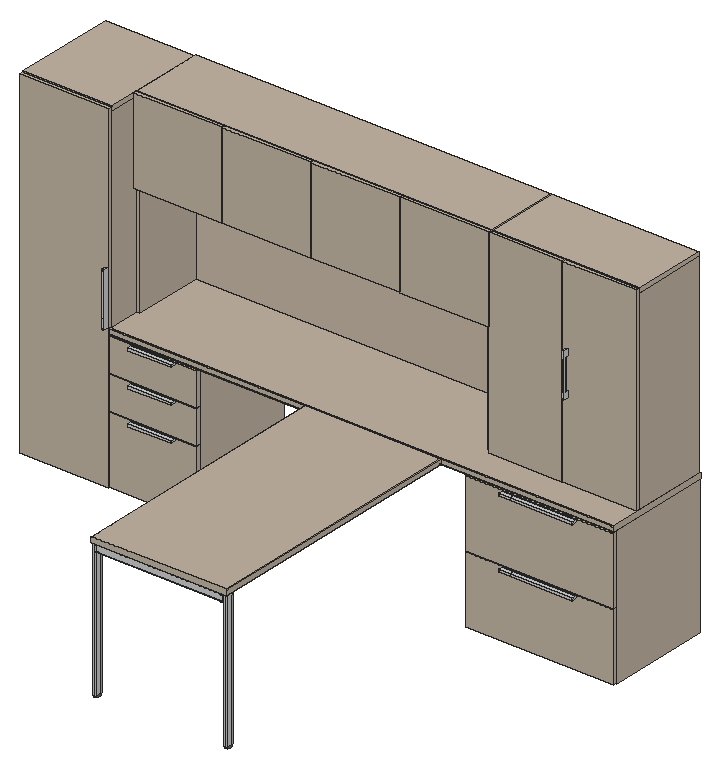
Revit family "FLT019", category Furniture, Revit 2019 (continued)
Definition of nested family "JSI-Flux-Strg_Tower"
  Reference planes (in)
    plane 17: z = 81
    plane 18: z = 29.75
    plane 19: z = 80.25
    plane 20: x = -35.31413
    plane 21: x = -0.93913
    plane 22: x = -26.31413
    plane 23: z = 55
    plane 24: z = 55.375
    plane 25: z = 54.625
    plane 26: y = -2.0625
    plane 27: x = -26.31413
    plane 28: x = -14.31413
    plane 29: z = 42.5625
    plane 30: z = 41.8125
    plane 31: x = -35.31413
    plane 32: y = 10.75
    plane 33: x = -18.06413
    plane 34: x = -18.18913
    plane 35: x = -36.06413
    plane 36: x = -1.93913
    plane 37: x = -17.51726
    plane 38: z = 55
    plane 39: x = -36.06413
    plane 40: x = -35.31413
    plane 41: x = -0.93913
    plane 42: x = -0.18913
    plane 43: y = 10.75
    plane 44: z = 29
    plane 45: z = 29
    plane 46: x = -36.06413
    plane 47: x = -0.18913
    plane 48: x = -18.12663
  Forms (in)
    Extrusion 1, solid, material <- "Top"
      sketch origin (0, 0, 0) x (1, 0, 0) y (0, 0, 1)
        loop
          line (-36.06413, 81) -> (-36.06413, 80.25) -> (-0.18913, 80.25) -> (-0.18913, 81) -> (-36.06413, 81)
      from -10.75 to 4.25
    Extrusion 2, solid, material <- "Shelf"
      sketch origin (0, 0, 0) x (1, 0, 0) y (0, 0, 1)
        loop
          line (-35.31413, 29) -> (-0.93913, 29) -> (-0.93913, 29.75) -> (-35.31413, 29.75) -> (-35.31413, 29)
      from -9.9375 to 4.25
    Extrusion 3, solid, material <- "Back Panel"
      sketch origin (0, 0, 0) x (1, 0, 0) y (0, 1, 0)
        loop
          line (-0.93913, 10.6875) -> (-35.31413, 10.6875) -> (-35.31413, 9.9375) -> (-0.93913, 9.9375) -> (-0.93913, 10.6875)
      from 29 to 80.25
    Extrusion 4, solid, material <- "Shelf"
      sketch origin (-10.75, 0, -12.8125) x (1, 0, 0) y (0, 0, 1)
        loop
          line (-24.56413, 55.375) -> (-24.56413, 54.625) -> (9.81087, 54.625) -> (9.81087, 55.375) -> (-24.56413, 55.375)
      from -9.9375 to 2.0625
    Extrusion 5, solid, material <- "Shelf"
      sketch origin (-10.75, 0, 0) x (1, 0, 0) y (0, 0, 1)
        loop
          line (-24.56413, 55.375) -> (-24.56413, 54.625) -> (9.81087, 54.625) -> (9.81087, 55.375) -> (-24.56413, 55.375)
      from -9.9375 to 2.0625
    Extrusion 6, solid, material <- "Shelf", visible <- "WB"
      sketch origin (0, 0, 0) x (1, 0, 0) y (0, 0, 1)
        loop
          line (-26.31413, 42.5625) -> (-26.31413, 41.8125) -> (-14.31413, 41.8125) -> (-14.31413, 42.5625) -> (-26.31413, 42.5625)
      from -9.9375 to 4.25
    Extrusion 7, solid, material <- "Door Front", visible <- "Doors"
      sketch origin (0, 0, 0) x (1, 0, 0) y (0, 1, 0)
        loop
          line (-36.06413, -4.3125) -> (-36.06413, -5.0625) -> (-18.18913, -5.0625) -> (-18.18913, -4.3125) -> (-36.06413, -4.3125)
      from 29 to 81
    Extrusion 8, solid, material <- "Door Front", visible <- "Doors"
      sketch origin (18, 0, 0) x (1, 0, 0) y (0, 1, 0)
        loop
          line (-36.06413, -4.3125) -> (-36.06413, -5.0625) -> (-18.18913, -5.0625) -> (-18.18913, -4.3125) -> (-36.06413, -4.3125)
      from 29 to 81
    Extrusion 9, solid, material <- "Chassis"
      sketch origin (0, 0, 0) x (1, 0, 0) y (0, 1, 0)
        loop
          line (-36.06413, 10.75) -> (-36.06413, -4.25) -> (-35.31413, -4.25) -> (-35.31413, 10.75) -> (-36.06413, 10.75)
      from 29 to 80.25
    Extrusion 10, solid, material <- "Chassis"
      sketch origin (0, 0, 0) x (1, 0, 0) y (0, 1, 0)
        loop
          line (-0.93913, 10.75) -> (-0.93913, -4.25) -> (-0.18913, -4.25) -> (-0.18913, 10.75) -> (-0.93913, 10.75)
      from 29 to 80.25
    Extrusion 11, solid, material <- "Shelf"
      sketch origin (-10.75, 0, 12.8125) x (1, 0, 0) y (0, 0, 1)
        loop
          line (-24.56413, 55.375) -> (-24.56413, 54.625) -> (9.81087, 54.625) -> (9.81087, 55.375) -> (-24.56413, 55.375)
      from -9.9375 to 2.0625
  Lines and regions (in)
    symbolic lines, visible <- "Doors"
      curve 1: line (-36.06413, -4.3125, 0) -> (-18.18913, -4.3125, 0)
      curve 2: line (-36.06413, -5.0625, 0) -> (-36.06413, -4.3125, 0)
      curve 3: line (-18.18913, -5.0625, 0) -> (-36.06413, -5.0625, 0)
      curve 4: line (-18.18913, -4.3125, 0) -> (-18.18913, -5.0625, 0)
      curve 5: line (-18.06413, -4.3125, 0) -> (-0.18913, -4.3125, 0)
      curve 6: line (-18.06413, -5.0625, 0) -> (-18.06413, -4.3125, 0)
      curve 7: line (-0.18913, -5.0625, 0) -> (-18.06413, -5.0625, 0)
      curve 8: line (-0.18913, -4.3125, 0) -> (-0.18913, -5.0625, 0)
    symbolic lines
      curve 9: line (-36.06413, 10.75, 0) -> (-36.06413, -4.25, 0)
      curve 10: line (-0.18913, 10.75, 0) -> (-0.18913, -4.25, 0)
      curve 11: line (-0.18913, 10.75, 0) -> (-36.06413, 10.75, 0)
      curve 12: line (-0.18913, -4.25, 0) -> (-36.06413, -4.25, 0)
    symbolic lines, detail levels medium+fine
      curve 13: line (-35.31413, -4.25, 0) -> (-35.31413, 10.75, 0)
      curve 14: line (-35.31413, 10.75, 0) -> (-36.06413, 10.75, 0)
      curve 15: line (-36.06413, 10.75, 0) -> (-36.06413, -4.25, 0)
      curve 16: line (-36.06413, -4.25, 0) -> (-35.31413, -4.25, 0)
      curve 17: line (-0.18913, -4.25, 0) -> (-0.18913, 10.75, 0)
      curve 18: line (-0.18913, 10.75, 0) -> (-0.93913, 10.75, 0)
      curve 19: line (-0.93913, 10.75, 0) -> (-0.93913, -4.25, 0)
      curve 20: line (-0.93913, -4.25, 0) -> (-0.18913, -4.25, 0)
      curve 21: line (-35.31413, 9.9375, 0) -> (-0.93913, 9.9375, 0)
      curve 22: line (-0.93913, 9.9375, 0) -> (-0.93913, 10.6875, 0)
      curve 23: line (-0.93913, 10.6875, 0) -> (-35.31413, 10.6875, 0)
      curve 24: line (-35.31413, 10.6875, 0) -> (-35.31413, 9.9375, 0)
  Dimensions and locks (in)
    locked: plane 6 to plane 3 "Center (Front/Back)" at 0.8125
    locked: plane 5 to plane 3 "Center (Front/Back)" at 0.0625
    plane 9 to plane 8 to plane 7 = 0' - 0 3/4" locked, 0' - 0 1/16" locked
    "Depth": plane 9 to plane 3 "Center (Front/Back)"
    locked: plane 10 to plane 11 at 0.75
    locked: plane 13 to plane 12 at 0.75
    "Top Width": plane 14 to plane 15
    "Top Dist": plane 4 to plane 14
    "Height": plane 17 to plane 16
    "OH Elevation": plane 16 to plane 1
    locked: plane 17 to plane 19 at 0.75
    locked: plane 18 to plane 16 at 0.75
    equal spacing: plane 17, plane 23, plane 16
    plane 24 to plane 23 to plane 25 = 0' - 0 3/8" locked, 0' - 0 3/8" locked
    "Shelf Width": Extrusion 4 sketch curve to Extrusion 4 sketch curve
    "Shelf Width": Extrusion 5 sketch curve to Extrusion 5 sketch curve
    equal spacing: group 1, group 2, group 5  (x3)
    "Shelf Array Dist": Extrusion 5 to Extrusion 4
    "Shelf Dist": Extrusion 4 to plane 16
    "WB_Shelf_Width": plane 27 to plane 28
    locked: plane 29 to plane 30 at 0.75
    "WB_Shelf_Height": plane 30 to plane 16
    "Shelf_H_Dist": plane 2 "Center (Left/Right)" to plane 31
    "Part Depth_L": plane 32 to plane 3 "Center (Front/Back)"
    "Door Width": Extrusion 7 sketch curve to Extrusion 7 sketch curve
    "Door Width": Extrusion 8 sketch curve to Extrusion 8 sketch curve
    group 3 to group 4 = 1' - 6"
    group 3 to group 4 = 0' - 0"  (x2)
    "Door Array Dist": Extrusion 7 to Extrusion 8
    "Door Dist": plane 2 "Center (Left/Right)" to plane 35
    "Pull Distance": plane 2 "Center (Left/Right)" to plane 37
    "Pull Height": plane 38 to plane 16
    "Lable Dist": nested 2 to plane 7
    "WB_Shelf_Dist": plane 2 "Center (Left/Right)" to plane 27
    locked: plane 39 to plane 40 at 0.75
    locked: plane 41 to plane 42 at 0.75
    "Part_L_Dist": plane 2 "Center (Left/Right)" to plane 39
    "Part_R_Dist": plane 2 "Center (Left/Right)" to plane 41
    "Part Depth_R": plane 43 to plane 3 "Center (Front/Back)"
    "Part_L_V_Dist": plane 44 to plane 16
    plane 45 to plane 16 = 0' - 0"
    "Back Width": plane 20 to plane 21
    "Back Dist": plane 14 to plane 20
    "Width": plane 46 to plane 47
    "Top Dist": plane 2 "Center (Left/Right)" to plane 46
    equal spacing: plane 46, plane 48, plane 47
    "Height": Extrusion 7 to Extrusion 7
    "Height": Extrusion 8 to Extrusion 8
    "Shelf Width": Extrusion 11 sketch curve to Extrusion 11 sketch curve
    aligned and locked: level to plane 1
    aligned and locked: Extrusion 1 sketch curve to plane 17
    aligned and locked: Extrusion 1 sketch curve to plane 19
    aligned and locked: Extrusion 1 sketch curve to plane 14
    aligned and locked: Extrusion 1 sketch curve to plane 15
    aligned and locked: Extrusion 1 to plane 3 "Center (Front/Back)"
    aligned and locked: plane 7 to Extrusion 1
    aligned and locked: Extrusion 2 sketch curve to plane 16
    aligned and locked: Extrusion 2 sketch curve to plane 18
    aligned and locked: Extrusion 2 sketch curve to plane 20
    aligned and locked: Extrusion 2 sketch curve to plane 21
    aligned and locked: Extrusion 2 to plane 6
    aligned and locked: plane 7 to Extrusion 2
    aligned and locked: Extrusion 3 sketch curve to plane 5
    aligned and locked: Extrusion 3 sketch curve to plane 6
    aligned and locked: Extrusion 3 sketch curve to plane 20
    aligned and locked: Extrusion 3 sketch curve to plane 21
    aligned and locked: plane 19 to Extrusion 3
    aligned and locked: Extrusion 3 to plane 16
    aligned and locked: Extrusion 4 to plane 6
    aligned and locked: Extrusion 5 to plane 6
    aligned and locked: Extrusion 6 sketch curve to plane 27
    aligned and locked: Extrusion 6 sketch curve to plane 28
    aligned and locked: Extrusion 6 sketch curve to plane 29
    aligned and locked: Extrusion 6 sketch curve to plane 30
    aligned and locked: Extrusion 6 to plane 6
    aligned and locked: plane 7 to Extrusion 6
    aligned and locked: Extrusion 4 to plane 31
    aligned and locked: Extrusion 5 to plane 31
    aligned and locked: Extrusion 7 sketch curve to plane 9
    aligned and locked: Extrusion 7 to plane 16
    aligned and locked: curve 1 to Extrusion 7
    aligned and locked: curve 2 to Extrusion 7
    aligned and locked: curve 3 to Extrusion 7
    aligned and locked: curve 4 to Extrusion 7
    aligned and locked: curve 5 to Extrusion 8
    aligned and locked: curve 6 to Extrusion 8
    aligned and locked: curve 7 to Extrusion 8
    aligned and locked: curve 8 to Extrusion 8
    aligned and locked: Extrusion 7 to plane 35
    aligned and locked: plane 9 to nested 1
    aligned and locked: plane 37 to nested 1
    aligned and locked: plane 38 to nested 1
    aligned and locked: Extrusion 9 sketch curve to plane 39
    aligned and locked: Extrusion 9 sketch curve to plane 40
    aligned and locked: Extrusion 9 sketch curve to plane 32
    aligned and locked: Extrusion 9 sketch curve to plane 7
    aligned and locked: Extrusion 10 sketch curve to plane 41
    aligned and locked: Extrusion 10 sketch curve to plane 42
    aligned and locked: Extrusion 10 sketch curve to plane 7
    aligned and locked: plane 19 to Extrusion 9
    aligned and locked: plane 19 to Extrusion 10
    aligned and locked: Extrusion 10 sketch curve to plane 43
    aligned and locked: Extrusion 9 to plane 44
    aligned and locked: Extrusion 10 to plane 45
    aligned and locked: curve 9 to plane 46
    aligned and locked: curve 10 to plane 47
    aligned and locked: curve 11 to plane 43
    aligned and locked: curve 12 to plane 7
    aligned and locked: plane 48 to nested 2
    aligned and locked: Extrusion 7 to plane 45
    aligned and locked: Extrusion 8 to plane 45
    aligned and locked: plane 16 to Extrusion 7
    aligned and locked: Extrusion 8 to plane 16
    aligned and locked: curve 13 to Extrusion 9
    aligned and locked: curve 14 to Extrusion 9
    aligned and locked: curve 15 to Extrusion 9
    aligned and locked: curve 16 to Extrusion 9
    aligned and locked: curve 17 to Extrusion 10
    aligned and locked: curve 18 to Extrusion 10
    aligned and locked: curve 19 to Extrusion 10
    aligned and locked: curve 20 to Extrusion 10
    aligned and locked: curve 21 to Extrusion 3
    aligned and locked: curve 22 to Extrusion 3
    aligned and locked: curve 23 to Extrusion 3
    aligned and locked: curve 24 to Extrusion 3
  Automatic sketch dimensions
    Extrusion 4 sketch curve to Extrusion 4 sketch curve = 0' - 0 3/4"
    Extrusion 5 sketch curve to Extrusion 5 sketch curve = 0' - 0 3/4"
    Extrusion 7 sketch curve to Extrusion 7 sketch curve = 0' - 0 3/4"
    Extrusion 8 sketch curve to Extrusion 8 sketch curve = 0' - 0 3/4"
    curve 2 to curve 3 = 1' - 5 7/8"
    curve 2 to curve 2 = 0' - 0 3/4"
    curve 6 to curve 7 = 1' - 5 7/8"
    curve 6 to curve 6 = 0' - 0 3/4"
    Extrusion 11 sketch curve to Extrusion 11 sketch curve = 0' - 0 3/4"
  Nested families (in)
    nested 1: "Bar Pull H" at (-20.75939, -5.0625, 55), Pull Finish <- "Pull Finish", L <- "Left Pull", R <- "Right Pull", type "PL"
      with R yes, Pull Finish none, L no
    nested 2: "Label 1-16 OH" at (-18.12663, -5.0625, 0), type "OH DOORS"
  Definition of nested family "Bar Pull H"
    Parameters
      R [instance] = yes
      Pull Finish [instance] = none
      L [instance] = yes
    Reference planes (in)
      plane 1 "Center Front/Back": y = 0
      plane 2: z = 0
      plane 3 "Center Left/Right": x = 3.24213
    Forms (in)
      Extrusion 1, solid, material <- "Pull Finish", visible <- "L"
        sketch origin (3.24213, 0, 3.24963) x (0, 0, -1) y (0, 1, 0)
          loop
            line (-1.18701, 0) -> (-1.18701, -0.85113)
            arc (-1.18701, -0.85113) -> (-1.15955, -0.91742) -> (-1.09326, -0.94488) r 0.09375
            line (-1.09326, -0.94488) -> (7.59252, -0.94488)
            arc (7.59252, -0.94488) -> (7.6482, -0.92182) -> (7.67126, -0.86614) r 0.07874
            line (7.67126, -0.86614) -> (7.67126, 0) -> (6.37205, 0) -> (6.37205, -0.70177)
            arc (6.37205, -0.70177) -> (6.33544, -0.79016) -> (6.24705, -0.82677) r 0.125
            line (6.24705, -0.82677) -> (0.2372, -0.82677)
            arc (0.2372, -0.82677) -> (0.14882, -0.79016) -> (0.1122, -0.70177) r 0.125
            line (0.1122, -0.70177) -> (0.1122, 0) -> (-1.18701, 0)
        from -0.43307 to -0.11811
      Extrusion 2, solid, material <- "Pull Finish", visible <- "L"
        sketch origin (3.24213, 0, 3.24963) x (0, 0, -1) y (0, 1, 0)
          loop
            line (-1.18701, 0) -> (-1.18701, -0.85113)
            arc (-1.18701, -0.85113) -> (-1.15955, -0.91742) -> (-1.09326, -0.94488) r 0.09375
            line (-1.09326, -0.94488) -> (7.59252, -0.94488)
            arc (7.59252, -0.94488) -> (7.6482, -0.92182) -> (7.67126, -0.86614) r 0.07874
            line (7.67126, -0.86614) -> (7.67126, 0) -> (-1.18701, 0)
        from 0 to -0.11811
      Extrusion 3, solid, material <- "Pull Finish", visible <- "R"
        sketch origin (3.24213, 0, 3.24963) x (0, 0, -1) y (0, -1, 0)
          loop
            line (-1.18701, 0) -> (0.1122, 0) -> (0.1122, 0.70177)
            arc (0.1122, 0.70177) -> (0.14882, 0.79016) -> (0.2372, 0.82677) r 0.125
            line (0.2372, 0.82677) -> (6.24705, 0.82677)
            arc (6.24705, 0.82677) -> (6.33544, 0.79016) -> (6.37205, 0.70177) r 0.125
            line (6.37205, 0.70177) -> (6.37205, 0) -> (7.67126, 0) -> (7.67126, 0.86614)
            arc (7.67126, 0.86614) -> (7.6482, 0.92182) -> (7.59252, 0.94488) r 0.07874
            line (7.59252, 0.94488) -> (-1.09326, 0.94488)
            arc (-1.09326, 0.94488) -> (-1.15955, 0.91742) -> (-1.18701, 0.85113) r 0.09375
            line (-1.18701, 0.85113) -> (-1.18701, 0)
        from -0.43307 to -0.11811
      Extrusion 4, solid, material <- "Pull Finish", visible <- "R"
        sketch origin (3.24213, 0, 3.24963) x (0, 0, -1) y (0, -1, 0)
          loop
            line (-1.18701, 0) -> (7.67126, 0) -> (7.67126, 0.86614)
            arc (7.67126, 0.86614) -> (7.6482, 0.92182) -> (7.59252, 0.94488) r 0.07874
            line (7.59252, 0.94488) -> (-1.09326, 0.94488)
            arc (-1.09326, 0.94488) -> (-1.15955, 0.91742) -> (-1.18701, 0.85113) r 0.09375
            line (-1.18701, 0.85113) -> (-1.18701, 0)
        from 0 to -0.11811
    Cuts and joins
      joined: Extrusion 1, Extrusion 2
      joined: Extrusion 3, Extrusion 4
    Dimensions and locks (in)
      aligned and locked: level to plane 2
      aligned and locked: Extrusion 2 sketch curve to Extrusion 1  (x6)
      aligned and locked: Extrusion 3 to Extrusion 4 sketch curve  (x2)
      aligned and locked: Extrusion 4 sketch curve to Extrusion 3  (x4)
  Definition of nested family "Label 1-16 OH"
    Parameters
      Width = 0' - 1"
      Model Name = "6 Doors"
    Reference planes (in)
      plane 1: y = 0
      plane 2: x = 0
    Text (in)
      label "XX" at (0.00051, -0.12324, 0), shows "Model Name"
Definition of nested family "JSI-Flux-Prime_Ht_Strg_OH_Cab"
  Parameters (values of type "Type Catalog - Strg OH Cab")
    Wiring Hole Dist = if(# of Doors > 3, 1' 6", 0' 9")  # 1' - 6"
    Top = none
    Width = 7' - 11 7/8"
    URL = "www.jsifurniture.com"
    Type Comments = ""
    TAG = if(Width > 6' 6", "6 Doors", (if(Width > 4' 6", "4 Doors", (if(Width > 3' 0", "3 Doors", "2 Doors")))))  # "6 Doors"
    Series = "FLUX"  # constant formula
    R = yes
    Partition-R = yes
    Partition-L = yes
    Partition Distance_R = if(# of Doors = 6, ((Door Width * 2) + 0' 0 1/8" - 0' 0 5/16"), (if(# of Doors = 4, ((Width / 2) - 0' 0 3/8"), (if(# of Doors = 3, (if(R, (Door Width - 0' 0 5/16"), ((Door Width * 2) + 0' 0 1/8" - 0' 0 5/16"))), 0' 0")))))  # 2' - 7 9/16"
    Partition Distance_L = if(# of Doors = 6, ((Door Width * 2) + 0' 0 1/8" - 0' 0 5/16"), (if(# of Doors = 4, ((Width / 2) - 0' 0 3/8"), (if(# of Doors = 3, (if(R, ((Door Width * 2) + 0' 0 1/8" - 0' 0 5/16"), (Door Width - 0' 0 5/16"))), 0' 0")))))  # 2' - 7 9/16"
    OH Elevation = 2' - 5"
    Model = ""
    Manufacturer = "JSI"  # constant formula
    Level of Base Shelve = 1' - 11"
    Keynote = "12500"
    JSI Enviromental Website = "http://www.jsifurniture.com/jsi_sustainability_intro.php"
    Height = 3' - 4"
    Door Width = (Width - (0' 0 1/8" * (# of Doors - 1))) / # of Doors  # 1' - 3 7/8"
    Door Array Distance = Door Width + 0' 0 1/8"  # 1' - 4"
    Back Panel = none
    Door Front = none
    Description = ""
    Depth = 1' - 3 7/8"
    Chassis = none
    Assembly Code = "E2020200"
    # of Doors = if(Width > 6' 6", 6, if(Width > 4' 6", 4, (if(Width > 3' 0", 3, 2))))  # 6
  Reference planes (in)
    plane 1: z = 0
    plane 2 "Center (Left/Right)": x = -36.06413
    plane 3 "Center (Front/Back)": y = 10.75
    plane 4: y = 10
    plane 5: x = -35.31413
    plane 6: x = 59.81087
    plane 7: x = 59.06087
    plane 8: x = -4.50163
    plane 9: x = -3.75163
    plane 10: x = 28.24837
    plane 11: x = 27.49837
    plane 12: y = -5.0625
    plane 13: y = -4.3125
    plane 14: y = -4.25
    plane 15: y = -2.0625
    plane 16: y = -5.125
    plane 17: x = 11.87337
    plane 18: z = 29
    plane 19: z = 52
    plane 20: z = 53.1875
    plane 21: z = 51.75
    plane 22: z = 68.25
    plane 23: z = 69
    plane 24: y = 9.9375
    plane 25: y = 10.6875
    plane 26: x = -20.18913
    plane 27: x = -20.06413
    plane 28: z = 51.5
    plane 29: x = -35.31413
    plane 30: x = -4.50163
    plane 31: x = -3.75163
    plane 32: x = 28.24837
    plane 33: x = 27.49837
    plane 34: x = 59.06087
    plane 35: x = -18.06413
    plane 36: x = 41.81087
  Forms (in)
    Extrusion 1, solid, material <- "Chassis"
      sketch origin (0, 0, 0) x (1, 0, 0) y (0, 1, 0)
        loop
          line (-36.06413, 10.75) -> (-36.06413, -4.25) -> (-35.31413, -4.25) -> (-35.31413, 10.75) -> (-36.06413, 10.75)
      from 29 to 68.25
    Extrusion 2, solid, material <- "Chassis"
      sketch origin (0, 0, 0) x (1, 0, 0) y (0, 1, 0)
        loop
          line (59.06087, 10.75) -> (59.06087, -4.25) -> (59.81087, -4.25) -> (59.81087, 10.75) -> (59.06087, 10.75)
      from 29 to 68.25
    Extrusion 3, solid, material <- "Top"
      sketch origin (0, 0, 0) x (1, 0, 0) y (0, 0, 1)
        loop
          line (-36.06413, 68.25) -> (59.81087, 68.25) -> (59.81087, 69) -> (-36.06413, 69) -> (-36.06413, 68.25)
      from -10.75 to 4.25
    Extrusion 4, solid
      sketch origin (0, 0, 0) x (1, 0, 0) y (0, 0, 1)
        loop
          line (-35.31413, 53.1875) -> (-35.31413, 52) -> (59.06087, 52) -> (59.06087, 53.1875) -> (-35.31413, 53.1875)
      from -9.9375 to 4.25
    Extrusion 5, solid, material <- "Back Panel"
      sketch origin (0, 0, 0) x (1, 0, 0) y (0, 0, 1)
        loop
          line (-35.31413, 68.25) -> (-35.31413, 29) -> (59.06087, 29) -> (59.06087, 68.25) -> (-35.31413, 68.25)
        loop
          circle (-18.06413, 51.5) r 0.3125
        loop
          circle (41.81087, 51.5) r 0.3125
      from -10.6875 to -9.9375
    Extrusion 6, solid, material <- "Chassis", visible <- "Partition-L"
      sketch origin (0, 0, 0) x (1, 0, 0) y (0, 1, 0)
        loop
          line (-4.50163, 9.9375) -> (-4.50163, -4.25) -> (-3.75163, -4.25) -> (-3.75163, 9.9375) -> (-4.50163, 9.9375)
      from 53.1875 to 68.25
    Extrusion 7, solid, material <- "Chassis", visible <- "Partition-R"
      sketch origin (0, 0, 0) x (1, 0, 0) y (0, 1, 0)
        loop
          line (27.49837, 9.9375) -> (27.49837, -4.25) -> (28.24837, -4.25) -> (28.24837, 9.9375) -> (27.49837, 9.9375)
      from 53.1875 to 68.25
    Extrusion 8, solid, material <- "Door Front"
      sketch origin (0, 0, 0) x (1, 0, 0) y (0, 0, 1)
        loop
          line (-36.06413, 69) -> (-36.06413, 51.75) -> (-20.18913, 51.75) -> (-20.18913, 69) -> (-36.06413, 69)
      from 4.3125 to 5.0625
    Extrusion 9, solid, material <- "Door Front"
      sketch origin (16, 0, 0) x (1, 0, 0) y (0, 0, 1)
        loop
          line (-36.06413, 69) -> (-36.06413, 51.75) -> (-20.18913, 51.75) -> (-20.18913, 69) -> (-36.06413, 69)
      from 4.3125 to 5.0625
    Extrusion 10, solid, material <- "Door Front"
      sketch origin (32, 0, 0) x (1, 0, 0) y (0, 0, 1)
        loop
          line (-36.06413, 69) -> (-36.06413, 51.75) -> (-20.18913, 51.75) -> (-20.18913, 69) -> (-36.06413, 69)
      from 4.3125 to 5.0625
    Extrusion 11, solid, material <- "Door Front"
      sketch origin (48, 0, 0) x (1, 0, 0) y (0, 0, 1)
        loop
          line (-36.06413, 69) -> (-36.06413, 51.75) -> (-20.18913, 51.75) -> (-20.18913, 69) -> (-36.06413, 69)
      from 4.3125 to 5.0625
    Extrusion 12, solid, material <- "Door Front"
      sketch origin (64, 0, 0) x (1, 0, 0) y (0, 0, 1)
        loop
          line (-36.06413, 69) -> (-36.06413, 51.75) -> (-20.18913, 51.75) -> (-20.18913, 69) -> (-36.06413, 69)
      from 4.3125 to 5.0625
    Extrusion 13, solid, material <- "Door Front"
      sketch origin (80, 0, 0) x (1, 0, 0) y (0, 0, 1)
        loop
          line (-36.06413, 69) -> (-36.06413, 51.75) -> (-20.18913, 51.75) -> (-20.18913, 69) -> (-36.06413, 69)
      from 4.3125 to 5.0625
  Lines and regions (in)
    symbolic lines
      curve 1: line (-36.06413, -4.3125, 0) -> (-36.06413, -5.0625, 0)
      curve 2: line (-20.06413, -4.3125, 0) -> (-20.06413, -5.0625, 0)
      curve 3: line (-20.18913, -5.0625, 0) -> (-20.18913, -4.3125, 0)
      curve 4: line (-4.18913, -5.0625, 0) -> (-4.18913, -4.3125, 0)
      curve 5: line (-20.18913, -4.3125, 0) -> (-36.06413, -4.3125, 0)
      curve 6: line (-36.06413, -5.0625, 0) -> (-20.18913, -5.0625, 0)
      curve 7: line (-4.18913, -4.3125, 0) -> (-20.06413, -4.3125, 0)
      curve 8: line (-20.06413, -5.0625, 0) -> (-4.18913, -5.0625, 0)
      curve 9: line (-36.06413, 10.75, 0) -> (-36.06413, -4.25, 0)
      curve 10: line (59.81087, 10.75, 0) -> (-36.06413, 10.75, 0)
      curve 11: line (59.81087, 10.75, 0) -> (59.81087, -4.25, 0)
      curve 12: line (59.81087, -4.25, 0) -> (-36.06413, -4.25, 0)
      curve 13: line (-4.06413, -4.3125, 0) -> (-4.06413, -5.0625, 0)
      curve 14: line (11.81087, -5.0625, 0) -> (11.81087, -4.3125, 0)
      curve 15: line (11.81087, -4.3125, 0) -> (-4.06413, -4.3125, 0)
      curve 16: line (-4.06413, -5.0625, 0) -> (11.81087, -5.0625, 0)
      curve 17: line (11.93587, -4.3125, 0) -> (11.93587, -5.0625, 0)
      curve 18: line (27.81087, -5.0625, 0) -> (27.81087, -4.3125, 0)
      curve 19: line (27.81087, -4.3125, 0) -> (11.93587, -4.3125, 0)
      curve 20: line (11.93587, -5.0625, 0) -> (27.81087, -5.0625, 0)
      curve 21: line (27.93587, -4.3125, 0) -> (27.93587, -5.0625, 0)
      curve 22: line (43.81087, -5.0625, 0) -> (43.81087, -4.3125, 0)
      curve 23: line (43.81087, -4.3125, 0) -> (27.93587, -4.3125, 0)
      curve 24: line (27.93587, -5.0625, 0) -> (43.81087, -5.0625, 0)
      curve 25: line (43.93587, -4.3125, 0) -> (43.93587, -5.0625, 0)
      curve 26: line (59.81087, -5.0625, 0) -> (59.81087, -4.3125, 0)
      curve 27: line (59.81087, -4.3125, 0) -> (43.93587, -4.3125, 0)
      curve 28: line (43.93587, -5.0625, 0) -> (59.81087, -5.0625, 0)
    symbolic lines, detail levels medium+fine
      curve 29: line (-35.31413, 9.9375, 0) -> (59.06087, 9.9375, 0)
      curve 30: line (59.06087, 9.9375, 0) -> (59.06087, 10.6875, 0)
      curve 31: line (59.06087, 10.6875, 0) -> (-35.31413, 10.6875, 0)
      curve 32: line (-35.31413, 10.6875, 0) -> (-35.31413, 9.9375, 0)
      curve 33: line (59.06087, 10.6875, 0) -> (59.06087, -4.25, 0)
      curve 34: line (-35.31413, -4.25, 0) -> (-35.31413, 10.6875, 0)
    symbolic lines, visible <- "Partition-L", detail levels medium+fine
      curve 35: line (-3.75163, -4.25, 0) -> (-3.75163, 9.9375, 0)
      curve 36: line (-3.75163, 9.9375, 0) -> (-4.50163, 9.9375, 0)
      curve 37: line (-4.50163, 9.9375, 0) -> (-4.50163, -4.25, 0)
      curve 38: line (-4.50163, -4.25, 0) -> (-3.75163, -4.25, 0)
    symbolic lines, visible <- "Partition-R", detail levels medium+fine
      curve 39: line (28.24837, -4.25, 0) -> (28.24837, 9.9375, 0)
      curve 40: line (28.24837, 9.9375, 0) -> (27.49837, 9.9375, 0)
      curve 41: line (27.49837, 9.9375, 0) -> (27.49837, -4.25, 0)
      curve 42: line (27.49837, -4.25, 0) -> (28.24837, -4.25, 0)
  Dimensions and locks (in)
    "Width": plane 2 "Center (Left/Right)" to plane 6
    "Depth": plane 16 to plane 3 "Center (Front/Back)"
    locked: plane 4 to plane 3 "Center (Front/Back)" at 0.75
    plane 12 to plane 13 to plane 14 to plane 15 = 0' - 0 3/4" locked, 0' - 0 1/16" locked, 0' - 2 3/16" locked
    locked: plane 16 to plane 12 at 0.0625
    locked: plane 2 "Center (Left/Right)" to plane 5 at 0.75
    locked: plane 8 to plane 9 at 0.75
    locked: plane 11 to plane 10 at 0.75
    locked: plane 7 to plane 6 at 0.75
    equal spacing: plane 2 "Center (Left/Right)", plane 17, plane 6
    "Height": plane 23 to plane 18
    "OH Elevation": plane 18 to plane 1
    locked: plane 23 to plane 22 at 0.75
    locked: plane 20 to plane 19 at 1.1875
    "Level of Base Shelve": plane 19 to plane 18
    plane 19 to plane 21 to plane 28 = 0' - 0 1/4" locked, 0' - 0 1/4" locked
    plane 22 to plane 20 = 1' - 3 1/16"
    locked: plane 25 to plane 3 "Center (Front/Back)" at 0.0625
    locked: plane 24 to plane 4 at 0.0625
    "Partition Distance_L": plane 2 "Center (Left/Right)" to plane 8
    "Partition Distance_R": plane 10 to plane 6
    plane 2 "Center (Left/Right)" to plane 29 = 0' - 0 3/4"
    equal spacing: group 1, group 2, group 5, group 6, group 7, group 8  (x3)
    "Door Width": Extrusion 8 sketch curve to Extrusion 8 sketch curve
    "Door Width": Extrusion 9 sketch curve to Extrusion 9 sketch curve
    equal spacing: group 3, group 4, group 9, group 10, group 11, group 12  (x3)
    "Door Array Distance": Extrusion 8 to Extrusion 9
    "Wiring Hole Dist": plane 2 "Center (Left/Right)" to plane 35
    "Wiring Hole Dist": plane 36 to plane 6
    "Door Width": Extrusion 10 sketch curve to Extrusion 10 sketch curve
    "Door Width": Extrusion 11 sketch curve to Extrusion 11 sketch curve
    "Door Width": Extrusion 12 sketch curve to Extrusion 12 sketch curve
    "Door Width": Extrusion 13 sketch curve to Extrusion 13 sketch curve
    radius of Extrusion 5 sketch curve = 0' - 0 5/16"  (x2)
    aligned and locked: level to plane 1
    aligned and locked: Extrusion 1 sketch curve to plane 2 "Center (Left/Right)"
    aligned and locked: Extrusion 1 sketch curve to plane 5
    aligned and locked: Extrusion 1 sketch curve to plane 3 "Center (Front/Back)"
    aligned and locked: Extrusion 1 sketch curve to plane 14
    aligned and locked: Extrusion 2 sketch curve to plane 7
    aligned and locked: Extrusion 2 sketch curve to plane 6
    aligned and locked: Extrusion 2 sketch curve to plane 3 "Center (Front/Back)"
    aligned and locked: Extrusion 2 sketch curve to plane 14
    aligned and locked: plane 22 to Extrusion 1
    aligned and locked: plane 22 to Extrusion 2
    aligned and locked: Extrusion 1 to plane 18
    aligned and locked: Extrusion 2 to plane 18
    aligned and locked: Extrusion 3 sketch curve to plane 22
    aligned and locked: Extrusion 3 sketch curve to plane 23
    aligned and locked: Extrusion 3 sketch curve to plane 2 "Center (Left/Right)"
    aligned and locked: Extrusion 3 sketch curve to plane 6
    aligned and locked: Extrusion 4 sketch curve to plane 20
    aligned and locked: Extrusion 4 sketch curve to plane 19
    aligned and locked: Extrusion 4 sketch curve to plane 5
    aligned and locked: Extrusion 4 sketch curve to plane 7
    aligned and locked: Extrusion 3 to plane 3 "Center (Front/Back)"
    aligned and locked: plane 14 to Extrusion 3
    aligned and locked: Extrusion 4 to plane 24
    aligned and locked: plane 14 to Extrusion 4
    aligned and locked: Extrusion 5 sketch curve to plane 22
    aligned and locked: Extrusion 5 sketch curve to plane 5
    aligned and locked: Extrusion 5 sketch curve to plane 7
    aligned and locked: Extrusion 5 sketch curve to plane 18
    aligned and locked: Extrusion 5 to plane 25
    aligned and locked: plane 24 to Extrusion 5
    aligned and locked: Extrusion 6 sketch curve to plane 8
    aligned and locked: Extrusion 6 sketch curve to plane 9
    aligned and locked: Extrusion 6 sketch curve to plane 24
    aligned and locked: Extrusion 6 sketch curve to plane 14
    aligned and locked: Extrusion 7 sketch curve to plane 11
    aligned and locked: Extrusion 7 sketch curve to plane 10
    aligned and locked: Extrusion 7 sketch curve to plane 24
    aligned and locked: Extrusion 7 sketch curve to plane 14
    aligned and locked: plane 22 to Extrusion 6
    aligned and locked: Extrusion 6 to plane 20
    aligned and locked: plane 22 to Extrusion 7
    aligned and locked: Extrusion 7 to plane 20
    aligned and locked: Extrusion 8 to plane 13
    aligned and locked: plane 12 to Extrusion 8
    aligned and locked: Extrusion 8 to plane 2 "Center (Left/Right)"
    aligned and locked: curve 1 to Extrusion 8
    aligned and locked: curve 2 to Extrusion 9
    aligned and locked: curve 3 to Extrusion 8
    aligned and locked: curve 4 to Extrusion 9
    aligned and locked: curve 5 to Extrusion 8
    aligned and locked: curve 6 to Extrusion 8
    aligned and locked: curve 7 to Extrusion 9
    aligned and locked: curve 8 to Extrusion 9
    aligned and locked: plane 17 to nested 1
    aligned and locked: plane 12 to nested 1
    aligned and locked: curve 9 to plane 2 "Center (Left/Right)"
    aligned and locked: curve 10 to plane 3 "Center (Front/Back)"
    aligned and locked: curve 11 to plane 6
    aligned and locked: curve 12 to plane 14
    aligned and locked: Extrusion 8 to plane 21
    aligned and locked: Extrusion 9 to plane 21
    aligned and locked: curve 13 to Extrusion 10
    aligned and locked: curve 14 to Extrusion 10
    aligned and locked: curve 15 to Extrusion 10
    aligned and locked: curve 16 to Extrusion 10
    aligned and locked: curve 17 to Extrusion 11
    aligned and locked: curve 18 to Extrusion 11
    aligned and locked: curve 19 to Extrusion 11
    aligned and locked: curve 20 to Extrusion 11
    aligned and locked: curve 21 to Extrusion 12
    aligned and locked: curve 22 to Extrusion 12
    aligned and locked: curve 23 to Extrusion 12
    aligned and locked: curve 24 to Extrusion 12
    aligned and locked: curve 25 to Extrusion 13
    aligned and locked: curve 26 to Extrusion 13
    aligned and locked: curve 27 to Extrusion 13
    aligned and locked: curve 28 to Extrusion 13
    aligned and locked: curve 29 to Extrusion 5
    aligned and locked: curve 30 to Extrusion 5
    aligned and locked: curve 31 to Extrusion 5
    aligned and locked: curve 32 to Extrusion 5
    aligned and locked: Extrusion 2 to curve 33
    aligned and locked: curve 34 to Extrusion 1
    aligned and locked: plane 14 to curve 34
    aligned and locked: plane 14 to curve 33
    aligned and locked: curve 35 to Extrusion 6
    aligned and locked: curve 36 to Extrusion 6
    aligned and locked: curve 37 to Extrusion 6
    aligned and locked: curve 38 to Extrusion 6
    aligned and locked: curve 39 to Extrusion 7
    aligned and locked: curve 40 to Extrusion 7
    aligned and locked: curve 41 to Extrusion 7
    aligned and locked: curve 42 to Extrusion 7
  Automatic sketch dimensions
    Extrusion 8 sketch curve to Extrusion 8 sketch curve = 1' - 5 1/4"
    Extrusion 9 sketch curve to Extrusion 9 sketch curve = 1' - 5 1/4"
    curve 1 to curve 5 = 1' - 3 7/8"
    curve 6 to curve 3 = 0' - 0 3/4"
    curve 2 to curve 7 = 1' - 3 7/8"
    curve 8 to curve 4 = 0' - 0 3/4"
    Extrusion 5 sketch curve to plane 28 = 0' - 0"  (x2)
    Extrusion 5 sketch curve to plane 35 = 0' - 0"
    Extrusion 5 sketch curve to plane 36 = 0' - 0"
    Extrusion 10 sketch curve to Extrusion 10 sketch curve = 1' - 5 1/4"
    curve 13 to curve 15 = 1' - 3 7/8"
    curve 16 to curve 14 = 0' - 0 3/4"
    Extrusion 11 sketch curve to Extrusion 11 sketch curve = 1' - 5 1/4"
    curve 17 to curve 19 = 1' - 3 7/8"
    curve 20 to curve 18 = 0' - 0 3/4"
    Extrusion 12 sketch curve to Extrusion 12 sketch curve = 1' - 5 1/4"
    curve 21 to curve 23 = 1' - 3 7/8"
    curve 24 to curve 22 = 0' - 0 3/4"
    Extrusion 13 sketch curve to Extrusion 13 sketch curve = 1' - 5 1/4"
    curve 25 to curve 27 = 1' - 3 7/8"
    curve 28 to curve 26 = 0' - 0 3/4"
  Nested families (in)
    nested 1: "Label 1-16 OH" at (11.87337, -5.0625, 0), type "OH DOORS"
  Definition of nested family "Label 1-16 OH"
    Parameters
      Width = 0' - 1"
      Model Name = "6 Doors"
    Reference planes (in)
      plane 1: y = 0
      plane 2: x = 0
    Text (in)
      label "XX" at (0.00051, -0.12324, 0), shows "Model Name"
Definition of nested family "JSI-Flux-Crednz_Ped"
  Parameters (values of type "Type Catalog - Crdnz Pdst")
    V_Door_Void_Dist = if(M7, (if(Width > 1' 10", 0' 0", 0' 2")), (if(M8, 0' 0", 0' 2")))  # 0' - 2"
    Top_V_Door_Void_Dist = if(M, 0' 0", 0' 2")  # 0' - 2"
    Top_Right_Pull_Dist = if(M3, ((Width - Pull Width) / 2), if(M4, ((Width - Pull Width) / 2), ((if(Width > 1' 10", (Width / 2) + 0' 0 7/32", (if(M7, (if(L, (Width - Pull Width - 0' 0 7/32"), 0' 0 7/32")), ((Width - Pull Width) / 2))))))))  # 1' - 6 7/32"
    Top_Left_Pull_Dist = if(M3, ((Width - Pull Width) / 2), if(M4, ((Width - Pull Width) / 2), (if(Width > 1' 10", ((Width / 2) - 0' 0 7/32" - Pull Width), (if(M7, (if(L, (Width - Pull Width - 0' 0 7/32"), 0' 0 7/32")), ((Width - Pull Width) / 2)))))))  # 0' - 8 15/16"
    Top Shelf = if(M8, 2 > 1, 1 > 2)  # no
    Top Pull V_Dist = if(M8, 0' 7 5/64", 0' 0 3/16")  # 0' - 0 3/16"
    Top Panel Dist = if(Depth > 2' 6", 1' 2 3/8", (if(Depth > 1' 10", 0' 8 3/8", 0' 7 3/8")))  # 0' - 7 3/8"
    Top Door = if(M8, 1 > 2, (if(M0, 1 > 2, 2 > 1)))  # no
    Top Back Panel Depth = if(M0, 0' 4 1/2", (if(M1, 0' 4 1/2", (if(M2, 0' 4 1/2", (if(M3, 0' 4 1/2", (if(M4, 0' 4 1/2", (if(M7, 0' 4 1/2", (if(M8, 0' 4 1/2", Shelf Height)))))))))))))  # 0' - 4 1/2"
    Top = none
    Width = 3' - 0"
    URL = "www.jsifurniture.com"
    Type Comments = ""
    T_R_Pull = if(M0, 1 > 2, 2 > 1)  # no
    T_L_Pull = if(M0, 1 > 2, 2 > 1)  # no
    TAG = if(M1, "BBF", (if(M2, "FF", (if(M3, "BBF", (if(M4, "FF", (if(M8, "2 Doors", (if(M0, "Open", (if(M, "BBF", (if(M7, (if(Width > 1' 10", "2 Doors", "1 Door")), "2 Doors")))))))))))))))  # "Open"
    Shelf Height = if(Top Shelf, 1' 0 17/32", 0' 11 3/32")  # 0' - 11 3/32"
    Shelf = none
    Series = "FLUX"  # constant formula
    R_Door_Void_Dist = if(M1, 0' 0", (if(M3, 0' 0", (if(M, (if(L, 0' 0", 0' 2")), 0' 2")))))  # 0' - 2"
    Pull Width = if(M2, 0' 10 27/32", (if(M4, 1' 2 7/8", (if(M3, 1' 2 7/8", 0' 8 27/32")))))  # 0' - 8 27/32"
    Pull Finish = none
    Model = ""
    Manufacturer = "JSI"  # constant formula
    M8 = no
    M7 = no
    M4 = no
    M3 = no
    M2 = no
    M1 = no
    M0 = yes
    M = no
    L_Door_Void_Dist = if(M1, 0' 0", (if(M3, 0' 0", (if(M, (if(L, 0' 2", 0' 0")), 0' 2")))))  # 0' - 2"
    L = no
    Keynote = "12500"
    JSI Enviromental Website = "http://www.jsifurniture.com/jsi_sustainability_intro.php"
    Height = 2' - 4"
    Grommet Dist = if(M8, (Width / 2) - 0' 3", (if(M0, (Width / 2) - 0' 3", Width + 0' 4")))  # 1' - 3"
    Glides = none
    Drawer Line = if(M1, 2 > 1, (if(M2, 2 > 1, (if(M3, 2 > 1, (if(M4, 2 > 1, (if(M, 2 > 1, (if(M7, (if(Width > 1' 10", 1 > 2, 2 > 1)), 1 > 2)))))))))))  # no
    Doors Line = if(M0, 1 > 2, 2 > 1)  # no
    Door Line = if(M7, (if(Width > 1' 10", 2 > 1, 1 > 2)), (if(M8, 2 > 1, (if(M, 2 > 1, 1 > 2)))))  # no
    Door Height = if(M7, (Height - 0' 0 5/16" - 0' 0 1/4"), (if(M8, (Height - 0' 0 5/16" - 0' 7 3/32"), (Height - 0' 0 5/16" - 0' 0 1/4" - 0' 0 1/8") / 2)))  # 1' - 1 21/32"
    C_Shelf = if(M0, 2 > 1, (if(M7, 2 > 1, (if(M8, 2 > 1, (if(M, 2 > 1, 1 > 2)))))))  # yes
    C_Pull_Dist = if(M, (if(L, ((Width / 2) + 0' 0 7/32"), ((Width / 2) - 0' 0 7/32" - Pull Width))), (if(M1, ((Width - Pull Width) / 2), (if(M3, ((Width - Pull Width) / 2), Width)))))  # 3' - 0"
    C_Pull = if(M, 2 > 1, (if(M1, 2 > 1, (if(M3, 2 > 1, 1 > 2)))))  # no
    C_Partition = if(M0, 1 > 2, (if(M1, 1 > 2, (if(M2, 1 > 2, (if(M3, 1 > 2, (if(M4, 1 > 2, (if(M7, 1 > 2, (if(M8, 1 > 2, 2 > 1)))))))))))))  # no
    Bottom_Pull_Dist = (Width - BT_Pull_Width) / 2  # 1' - 1 37/64"
    Bottom Support = if(M7, 2 > 1, (if(M8, 2 > 1, (if(M0, 2 > 1, 1 > 2)))))  # yes
    Bottom Panel Dist = if(M7, 0' 0", (if(M8, 0' 0", (if(M0, 0' 0", 0' 5 1/8")))))  # 0' - 0"
    Bottom Door = if(M0, 1 > 2, 2 > 1)  # no
    Back Support = if(M1, 1 > 2, (if(M2, 1 > 2, 2 > 1)))  # yes
    Back Panel = none
    Door Front = none
    Description = ""
    Depth = 1' - 10"
    Chassis = none
    BT_Pull_Width = if(M2, (if(Width > 1' 10", 1' 2 7/8", 0' 10 27/32")), (if(M4, (if(Width > 1' 10", 1' 2 7/8", 0' 10 27/32")), (if(M3, (if(Width > 1' 10", 1' 2 7/8", 0' 10 27/32")), (if(M, (if(Width > 1' 10", 1' 2 7/8", 0' 10 27/32")), 0' 8 27/32")))))))  # 0' - 8 27/32"
    BT_Pull_Line = if(M0, 1 > 2, 1 > 2)  # no
    BT_Pull = if(M7, 1 > 2, (if(M8, 1 > 2, (if(M0, 1 > 2, 2 > 1)))))  # no
    Assembly Code = "E2020200"
  Reference planes (in)
    plane 1: z = 0
    plane 2 "Center (Left/Right)": x = -31.31413
    plane 3 "Center (Front/Back)": y = 10.75
    plane 4: x = -31.31413
    plane 5: x = -30.56413
    plane 6: x = 4.68587
    plane 7: x = 3.93587
    plane 8: y = -11.25
    plane 9: y = 10.71875
    plane 10: y = 9.96875
    plane 11: x = -13.31413
    plane 12: y = -10.5
    plane 13: z = 28
    plane 14: z = 0.3125
    plane 15: z = 1.5
    plane 16: z = 2.25
    plane 17: z = 16.90625
    plane 18: z = 16.15625
    plane 19: z = 27.25
    plane 20: z = 21.15625
    plane 21: z = 20.40625
    plane 22: z = 0.3125
    plane 23: z = 25.25
    plane 24: z = 20.75
    plane 25: y = 5.375
    plane 26: y = 0.875
    plane 27: y = -6
    plane 28: y = 5.96875
    plane 29: y = -6.5
    plane 30: y = 10.75
    plane 31: y = 9.3125
    plane 32: y = -9.0625
    plane 33: x = -29.56413
    plane 34: x = 2.93587
    plane 35: y = 8.8125
    plane 36: y = 6.3125
    plane 37: x = -16.31413
    plane 38: x = -10.31413
    plane 39: x = -13.68913
    plane 40: x = -12.93913
    plane 41: z = 27.875
    plane 42: z = 0.4375
    plane 43: z = 14.09375
    plane 44: z = 14.21875
    plane 45: x = -13.37663
    plane 46: x = -13.25163
    plane 47: x = -31.25163
    plane 48: x = 4.62337
    plane 49: z = 20.98438
    plane 50: z = 21.10938
    plane 51: z = 21.04688
    plane 52: y = -12.5
    plane 53: y = -13.5
    plane 54: y = -12.5
    plane 55: y = -13.5
    plane 56: y = -12.5
    plane 57: y = -13.5
    plane 58: y = -12.5
    plane 59: y = -13.5
    plane 60: x = -22.37663
    plane 61: x = -13.09538
    plane 62: x = 4.68587
    plane 63: x = -17.73601
    plane 64: z = 27.6875
    plane 65: z = 20.79688
    plane 66: z = 13.90625
    plane 67: y = 8.78125
    plane 68: z = 23
    plane 69: x = -16.31413
    plane 70: x = -10.31413
    plane 71: z = 19.40625
  Forms (in)
    Extrusion 1, solid, material <- "Chassis"
      sketch origin (0, 0, 0) x (0, 1, 0) y (0, 0, 1)
        loop
          line (10.75, 28) -> (-10.5, 28) -> (-10.5, 0.3125) -> (10.75, 0.3125) -> (10.75, 28)
      from -31.31413 to -30.56413
    Extrusion 2, solid, material <- "Chassis"
      sketch origin (0, 0, 0) x (0, 1, 0) y (0, 0, 1)
        loop
          line (10.75, 28) -> (-10.5, 28) -> (-10.5, 0.3125) -> (10.75, 0.3125) -> (10.75, 28)
      from 3.93587 to 4.68587
    Extrusion 3, solid, material <- "Back Panel"
      sketch origin (0, 0, 0) x (0, 1, 0) y (0, 0, 1)
        loop
          line (10.71875, 28) -> (9.96875, 28) -> (9.96875, 0.3125) -> (10.71875, 0.3125) -> (10.71875, 28)
      from -30.56413 to 3.93587
    Extrusion 4, solid, material <- "Shelf", visible <- "Bottom Support"
      sketch origin (0, 0, 0) x (0, 1, 0) y (0, 0, 1)
        loop
          line (9.96875, 1.5) -> (5.96875, 1.5) -> (5.96875, 0.3125) -> (9.96875, 0.3125) -> (9.96875, 1.5)
      from -30.56413 to 3.93587
    Extrusion 5, solid, material <- "Shelf"
      sketch origin (0, 0, 0) x (0, 1, 0) y (0, 0, 1)
        loop
          line (-6.5, 1.5) -> (-10.5, 1.5) -> (-10.5, 0.3125) -> (-6.5, 0.3125) -> (-6.5, 1.5)
      from -30.56413 to 3.93587
    Extrusion 6, solid, material <- "Shelf"
      sketch origin (0, 0, 0) x (0, 1, 0) y (0, 0, 1)
        loop
          line (10.75, 2.25) -> (-10.5, 2.25) -> (-10.5, 1.5) -> (10.75, 1.5) -> (10.75, 2.25)
      from -30.56413 to 3.93587
    Extrusion 7, solid, material <- "Top"
      sketch origin (0, 0, 0) x (0, 1, 0) y (0, 0, 1)
        loop
          line (5.375, 27.25) -> (5.375, 28) -> (0.875, 28) -> (0.875, 27.25) -> (5.375, 27.25)
      from -30.56413 to 3.93587
    Extrusion 8, solid, material <- "Top"
      sketch origin (0, 0, 0) x (0, 1, 0) y (0, 0, 1)
        loop
          line (-6.5, 28) -> (-10.5, 28) -> (-10.5, 27.25) -> (-6.5, 27.25) -> (-6.5, 28)
      from -30.56413 to 3.93587
    Extrusion 9, solid, material <- "Glides"
      sketch origin (0, 0, 0) x (1, 0, 0) y (0, 1, 0)
        loop
          circle (-29.56413, 9.3125) r 0.5
      from 0 to 0.3125
    Extrusion 10, solid, material <- "Glides"
      sketch origin (0, 0, 0) x (1, 0, 0) y (0, 1, 0)
        loop
          circle (2.93587, 9.3125) r 0.5
      from 0 to 0.3125
    Extrusion 11, solid, material <- "Glides"
      sketch origin (0, 0, 0) x (1, 0, 0) y (0, 1, 0)
        loop
          circle (-29.56413, -9.0625) r 0.5
      from 0 to 0.3125
    Extrusion 12, solid, material <- "Glides"
      sketch origin (0, 0, 0) x (1, 0, 0) y (0, 1, 0)
        loop
          circle (2.93587, -9.0625) r 0.5
      from 0 to 0.3125
    Extrusion 13, solid, material <- "Shelf", visible <- "C_Shelf"
      sketch origin (0, 0, 0) x (0, 1, 0) y (0, 0, 1)
        loop
          line (9.96875, 16.90625) -> (-10.5, 16.90625) -> (-10.5, 16.15625) -> (9.96875, 16.15625) -> (9.96875, 16.90625)
      from -30.56413 to 3.93587
    Extrusion 14, solid, material <- "Shelf", visible <- "Top Shelf"
      sketch origin (0, 0, 0) x (1, 0, 0) y (0, 1, 0)
        loop
          line (3.93587, 9.3125) -> (-30.56413, 9.3125) -> (-30.56413, -10.5) -> (3.93587, -10.5) -> (3.93587, 9.3125)
        loop
          line (-11.31413, 8.8125) -> (-15.31413, 8.8125)
          arc (-15.31413, 8.8125) -> (-16.02124, 8.51961) -> (-16.31413, 7.8125) r 1
          line (-16.31413, 7.8125) -> (-16.31413, 7.3125)
          arc (-16.31413, 7.3125) -> (-16.02124, 6.60539) -> (-15.31413, 6.3125) r 1
          line (-15.31413, 6.3125) -> (-11.31413, 6.3125)
          arc (-11.31413, 6.3125) -> (-10.60703, 6.60539) -> (-10.31413, 7.3125) r 1
          line (-10.31413, 7.3125) -> (-10.31413, 7.8125)
          arc (-10.31413, 7.8125) -> (-10.60703, 8.51961) -> (-11.31413, 8.8125) r 1
      from 20.40625 to 21.15625
    Extrusion 15, solid, material <- "Chassis", visible <- "C_Partition"
      sketch origin (0, 0, 0) x (0, 1, 0) y (0, 0, 1)
        loop
          line (9.96875, 27.25) -> (-10.5, 27.25) -> (-10.5, 20.75) -> (9.96875, 20.75) -> (9.96875, 27.25)
      from -13.68913 to -12.93913
    Extrusion 16, solid, material <- "Door Front", visible <- "Top Door"
      sketch origin (0, 0, 0) x (1, 0, 0) y (0, 1, 0)
        loop
          line (4.62337, -10.5) -> (-31.25163, -10.5) -> (-31.25163, -11.25) -> (4.62337, -11.25) -> (4.62337, -10.5)
      from 14.21875 to 27.875
    Extrusion 17, solid, material <- "Door Front", visible <- "Bottom Door"
      sketch origin (0, 0, 0) x (1, 0, 0) y (0, 1, 0)
        loop
          line (-31.25163, -10.5) -> (-31.25163, -11.25) -> (4.62337, -11.25) -> (4.62337, -10.5) -> (-31.25163, -10.5)
      from 0.4375 to 14.09375
    Extrusion 18, void
      sketch origin (0, 0, 0) x (1, 0, 0) y (0, 1, 0)
        loop
          line (-31.31413, -12.5) -> (-31.31413, -13.5) -> (-13.25163, -13.5) -> (-13.25163, -12.5) -> (-31.31413, -12.5)
      from 20.98438 to 21.10937
    Extrusion 19, void
      sketch origin (0, 0, 0) x (1, 0, 0) y (0, 1, 0)
        loop
          line (-13.37663, -12.5) -> (-13.37663, -13.5) -> (4.68587, -13.5) -> (4.68587, -12.5) -> (-13.37663, -12.5)
      from 20.98438 to 21.10937
    Extrusion 20, void
      sketch origin (0, 0, 0) x (1, 0, 0) y (0, 1, 0)
        loop
          line (-13.37663, -12.5) -> (-13.37663, -13.5) -> (-13.25163, -13.5) -> (-13.25163, -12.5) -> (-13.37663, -12.5)
      from 14.09375 to 28
    Extrusion 21, void
      sketch origin (0, 0, 0) x (1, 0, 0) y (0, 1, 0)
        loop
          line (-13.37663, -12.5) -> (-13.37663, -13.5) -> (-13.25163, -13.5) -> (-13.25163, -12.5) -> (-13.37663, -12.5)
      from 0 to 28
    Extrusion 22, solid, material <- "Back Panel", visible <- "Back Support"
      sketch origin (0, 0, 0) x (0, 1, 0) y (0, 0, 1)
        loop
          line (9.96875, 28) -> (8.78125, 28) -> (8.78125, 23) -> (9.96875, 23) -> (9.96875, 28)
      from -30.56413 to 3.93587
    Extrusion 23, void
      sketch origin (0, 0, 0) x (1, 0, 0) y (0, 0, 1)
        loop
          arc (-11.31413, 16.90625) -> (-10.60703, 17.19914) -> (-10.31413, 17.90625) r 1
          line (-10.31413, 17.90625) -> (-10.31413, 18.40625)
          arc (-10.31413, 18.40625) -> (-10.60703, 19.11336) -> (-11.31413, 19.40625) r 1
          line (-11.31413, 19.40625) -> (-15.31413, 19.40625)
          arc (-15.31413, 19.40625) -> (-16.02124, 19.11336) -> (-16.31413, 18.40625) r 1
          line (-16.31413, 18.40625) -> (-16.31413, 17.90625)
          arc (-16.31413, 17.90625) -> (-16.02124, 17.19914) -> (-15.31413, 16.90625) r 1
          line (-15.31413, 16.90625) -> (-11.31413, 16.90625)
      from -10.71875 to -9.3125
  Cuts and joins
    Extrusion 18, Extrusion 19, Extrusion 20, Extrusion 21 cuts Extrusion 16
    Extrusion 21 cuts Extrusion 17
    Extrusion 23 cuts Extrusion 3
  Lines and regions (in)
    symbolic lines
      curve 1: line (-31.31413, 10.75, 0) -> (-31.31413, -10.5, 0)
      curve 2: line (4.68587, 10.75, 0) -> (-31.31413, 10.75, 0)
      curve 3: line (4.68587, 10.75, 0) -> (4.68587, -10.5, 0)
      curve 4: line (4.68587, -10.5, 0) -> (-31.31413, -10.5, 0)
    symbolic lines, visible <- "Doors Line"
      curve 5: line (-31.25163, -11.25, 0) -> (-31.25163, -10.5, 0)
      curve 6: line (4.62337, -11.25, 0) -> (4.62337, -10.5, 0)
    symbolic lines, visible <- "Drawer Line"
      curve 7: line (-31.25163, -11.25, 0) -> (4.62337, -11.25, 0)
    symbolic lines, visible <- "Door Line"
      curve 8: line (-31.25163, -11.25, 0) -> (-13.37663, -11.25, 0)
      curve 9: line (-13.25163, -11.25, 0) -> (4.62337, -11.25, 0)
      curve 10: line (-13.37663, -11.25, 0) -> (-13.37663, -10.5, 0)
      curve 11: line (-13.25163, -11.25, 0) -> (-13.25163, -10.5, 0)
    symbolic lines, visible <- "C_Partition", detail levels medium+fine
      curve 12: line (-13.68913, 9.96875, 0) -> (-13.68913, -10.5, 0)
      curve 13: line (-12.93913, 9.96875, 0) -> (-12.93913, -10.5, 0)
      curve 14: line (-12.93913, 9.96875, 0) -> (-13.68913, 9.96875, 0)
      curve 15: line (-12.93913, -10.5, 0) -> (-13.68913, -10.5, 0)
  Dimensions and locks (in)
    "Width": plane 4 to plane 6
    equal spacing: plane 4, plane 11, plane 6
    plane 10 to plane 9 to plane 3 "Center (Front/Back)" = 0' - 0 3/4" locked, 0' - 0 1/32" locked
    "Depth": plane 8 to plane 3 "Center (Front/Back)"
    locked: plane 8 to plane 12 at 0.75
    plane 4 to plane 5 to plane 33 = 0' - 0 3/4" locked, 0' - 1" locked
    plane 34 to plane 7 to plane 6 = 0' - 1" locked, 0' - 0 3/4" locked
    "Height": plane 13 to plane 1
    locked: plane 13 to plane 19 at 0.75
    plane 71 to plane 17 to plane 18 = 0' - 2 1/2" locked, 0' - 0 3/4" locked
    locked: plane 14 to plane 1 at 0.3125
    plane 16 to plane 15 to plane 14 = 0' - 0 3/4" locked, 0' - 1 3/16" locked
    "Shelf Height": plane 13 to plane 17
    locked: plane 20 to plane 21 at 0.75
    locked: plane 13 to plane 20 at 6.84375
    locked: plane 13 to plane 23 at 2.75
    "Top Back Panel Depth": plane 23 to plane 24
    locked: plane 26 to plane 25 at 4.5
    locked: plane 12 to plane 27 at 4.5
    locked: plane 12 to plane 29 at 4
    "Bottom Panel Dist": plane 30 to plane 3 "Center (Front/Back)"
    locked: plane 31 to plane 3 "Center (Front/Back)" at 1.4375
    locked: plane 12 to plane 32 at 1.4375
    plane 36 to plane 35 to plane 10 = 0' - 2 1/2" locked, 0' - 1 5/32" locked
    locked: plane 37 to plane 38 at 6
    equal spacing: plane 37, plane 11, plane 38
    plane 39 to plane 11 to plane 40 = 0' - 0 3/8" locked, 0' - 0 3/8" locked
    locked: plane 13 to plane 41 at 0.125
    locked: plane 16 to plane 42 at 1.8125
    "Door Height": plane 43 to plane 42
    "Door Height": plane 41 to plane 44
    plane 45 to plane 11 to plane 46 = 0' - 0 1/16" locked, 0' - 0 1/16" locked
    locked: plane 4 to plane 47 at 0.0625
    locked: plane 48 to plane 6 at 0.0625
    plane 50 to plane 51 to plane 49 = 0' - 0 1/16" locked, 0' - 0 1/16" locked
    equal spacing: plane 41, plane 51, plane 44
    locked: plane 53 to plane 52 at 1
    locked: plane 55 to plane 54 at 1
    "L_Door_Void_Dist": plane 52 to plane 12
    "R_Door_Void_Dist": plane 54 to plane 12
    locked: plane 57 to plane 56 at 1
    "Top_V_Door_Void_Dist": plane 56 to plane 12
    locked: plane 59 to plane 58 at 1
    "V_Door_Void_Dist": plane 58 to plane 12
    locked: plane 49 to plane 65 at 0.1875
    "Top Pull V_Dist": plane 41 to plane 64
    locked: plane 43 to plane 66 at 0.1875
    "Top_Left_Pull_Dist": plane 4 to plane 60
    "Top_Right_Pull_Dist": plane 4 to plane 61
    "C_Pull_Dist": plane 4 to plane 62
    "Bottom_Pull_Dist": plane 4 to plane 63
    curve 10 to plane 11 to curve 11 = 0' - 0 1/16" locked, 0' - 0 1/16" locked
    locked: plane 28 to plane 10 at 4
    "Top Panel Dist": plane 29 to plane 26
    locked: plane 67 to plane 10 at 1.1875
    locked: plane 13 to plane 68 at 5
    locked: plane 69 to plane 70 at 6
    "Grommet Dist": plane 4 to plane 69
    radius of Extrusion 9 sketch curve = 0' - 0 1/2"
    radius of Extrusion 10 sketch curve = 0' - 0 1/2"
    radius of Extrusion 11 sketch curve = 0' - 0 1/2"
    radius of Extrusion 12 sketch curve = 0' - 0 1/2"
    aligned and locked: level to plane 1
    aligned and locked: plane 3 "Center (Front/Back)" to Extrusion 1 sketch curve
    aligned and locked: plane 13 to Extrusion 1 sketch curve
    aligned and locked: plane 12 to Extrusion 1 sketch curve
    aligned and locked: plane 14 to Extrusion 1 sketch curve
    aligned and locked: Extrusion 1 to plane 4
    aligned and locked: plane 5 to Extrusion 1
    aligned and locked: plane 13 to Extrusion 2 sketch curve
    aligned and locked: plane 3 "Center (Front/Back)" to Extrusion 2 sketch curve
    aligned and locked: plane 12 to Extrusion 2 sketch curve
    aligned and locked: plane 14 to Extrusion 2 sketch curve
    aligned and locked: Extrusion 2 to plane 7
    aligned and locked: plane 6 to Extrusion 2
    aligned and locked: plane 9 to Extrusion 3 sketch curve
    aligned and locked: plane 22 to Extrusion 3 sketch curve
    aligned and locked: plane 10 to Extrusion 3 sketch curve
    aligned and locked: Extrusion 3 to plane 5
    aligned and locked: plane 7 to Extrusion 3
    aligned and locked: plane 28 to Extrusion 4 sketch curve
    aligned and locked: plane 15 to Extrusion 4 sketch curve
    aligned and locked: plane 14 to Extrusion 4 sketch curve
    aligned and locked: Extrusion 4 to plane 5
    aligned and locked: plane 7 to Extrusion 4
    aligned and locked: plane 29 to Extrusion 5 sketch curve
    aligned and locked: plane 12 to Extrusion 5 sketch curve
    aligned and locked: plane 15 to Extrusion 5 sketch curve
    aligned and locked: plane 14 to Extrusion 5 sketch curve
    aligned and locked: Extrusion 5 to plane 5
    aligned and locked: plane 7 to Extrusion 5
    aligned and locked: plane 16 to Extrusion 6 sketch curve
    aligned and locked: plane 15 to Extrusion 6 sketch curve
    aligned and locked: plane 12 to Extrusion 6 sketch curve
    aligned and locked: plane 30 to Extrusion 6 sketch curve
    aligned and locked: Extrusion 6 to plane 5
    aligned and locked: plane 7 to Extrusion 6
    aligned and locked: plane 19 to Extrusion 7 sketch curve
    aligned and locked: plane 13 to Extrusion 7 sketch curve
    aligned and locked: plane 25 to Extrusion 7 sketch curve
    aligned and locked: plane 26 to Extrusion 7 sketch curve
    aligned and locked: plane 29 to Extrusion 8 sketch curve
    aligned and locked: plane 12 to Extrusion 8 sketch curve
    aligned and locked: plane 19 to Extrusion 8 sketch curve
    aligned and locked: plane 13 to Extrusion 8 sketch curve
    aligned and locked: Extrusion 8 to plane 5
    aligned and locked: Extrusion 7 to plane 5
    aligned and locked: plane 7 to Extrusion 8
    aligned and locked: plane 7 to Extrusion 7
    aligned and locked: Extrusion 9 to plane 1
    aligned and locked: Extrusion 11 to plane 1
    aligned and locked: Extrusion 10 to plane 1
    aligned and locked: Extrusion 12 to plane 1
    aligned and locked: plane 14 to Extrusion 9
    aligned and locked: plane 14 to Extrusion 11
    aligned and locked: plane 14 to Extrusion 10
    aligned and locked: plane 14 to Extrusion 12
    aligned and locked: plane 17 to Extrusion 13 sketch curve
    aligned and locked: plane 18 to Extrusion 13 sketch curve
    aligned and locked: plane 12 to Extrusion 13 sketch curve
    aligned and locked: Extrusion 13 to plane 5
    aligned and locked: plane 7 to Extrusion 13
    aligned and locked: Extrusion 14 sketch curve to plane 31
    aligned and locked: Extrusion 14 sketch curve to plane 5
    aligned and locked: Extrusion 14 sketch curve to plane 7
    aligned and locked: Extrusion 14 sketch curve to plane 12
    aligned and locked: plane 20 to Extrusion 14
    aligned and locked: Extrusion 14 to plane 21
    aligned and locked: Extrusion 14 sketch curve to plane 35
    aligned and locked: Extrusion 14 sketch curve to plane 36
    aligned and locked: Extrusion 14 sketch curve to plane 37
    aligned and locked: Extrusion 14 sketch curve to plane 38
    aligned and locked: plane 10 to Extrusion 15 sketch curve
    aligned and locked: plane 19 to Extrusion 15 sketch curve
    aligned and locked: plane 12 to Extrusion 15 sketch curve
    aligned and locked: plane 24 to Extrusion 15 sketch curve
    aligned and locked: Extrusion 15 to plane 39
    aligned and locked: plane 40 to Extrusion 15
    aligned and locked: Extrusion 16 sketch curve to plane 12
    aligned and locked: Extrusion 16 sketch curve to plane 8
